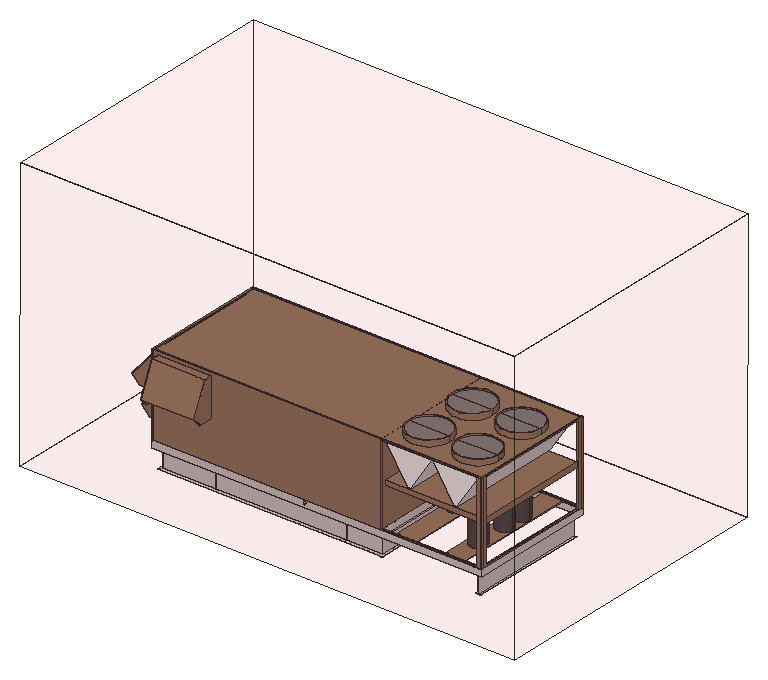
Revit family (continued)
Definition of nested family "Commercial_Comfort_Systems-Series_40-JCI-Unit_Cabinet-Bottom_Supply_And_Return"
  Lines and regions (in)
    model lines, style "Frame Unit", detail levels coarse
      curve 5: line (-119.99969, 46, 64) -> (-119.99969, 46, 0)
      curve 6: line (120.00031, 46, 64) -> (120.00031, 46, 0)
      curve 7: line (-119.99969, -46, 64) -> (-119.99969, -46, 0)
      curve 8: line (120.00031, -46, 64) -> (120.00031, -46, 0)
      curve 9: line (46.18781, -46, 63.5) -> (116.00031, -46, 63.5)
      curve 10: line (46.18781, -46, 63.5) -> (46.18781, -46, 5.125)
      curve 11: line (46.18781, -46, 5.125) -> (116.00031, -46, 5.125)
      curve 12: line (116.00031, -46, 63.5) -> (116.00031, -46, 5.125)
      curve 13: line (46.18781, 46, 63.5) -> (116.00031, 46, 63.5)
      curve 14: line (116.00031, 46, 63.5) -> (116.00031, 46, 5.125)
      curve 15: line (116.00031, 46, 5.125) -> (46.18781, 46, 5.125)
      curve 16: line (46.18781, 46, 5.125) -> (46.18781, 46, 63.5)
      curve 17: line (120.00031, -42, 63.5) -> (120.00031, 42, 63.5)
      curve 18: line (120.00031, -42, 63.5) -> (120.00031, -42, 5.125)
      curve 19: line (120.00031, -42, 5.125) -> (120.00031, 42, 5.125)
      curve 20: line (120.00031, 42, 63.5) -> (120.00031, 42, 5.125)
      curve 21: line (18.18781, 41.5, 0) -> (44.18781, 41.5, 0)
      curve 22: line (18.18781, -30.10938, 0) -> (44.18781, -30.10938, 0)
      curve 23: line (44.18781, 41.5, 0) -> (44.18781, -30.10938, 0)
      curve 24: line (46.18781, 44, 0) -> (117.50031, 44, 0)
      curve 25: line (117.50031, 44, 0) -> (117.50031, -44, 0)
      curve 26: line (117.50031, -44, 0) -> (46.18781, -44, 0)
      curve 27: line (46.18781, -44, 0) -> (46.18781, 44, 0)
      curve 28: line (-119.99969, 46, 0) -> (120.00031, 46, 0)
      curve 29: line (-119.99969, -46, 0) -> (-119.99969, 46, 0)
      curve 30: line (120.00031, -46, 0) -> (-119.99969, -46, 0)
      curve 31: line (120.00031, 46, 0) -> (120.00031, -46, 0)
      curve 36: line (18.18781, 41.5, 0) -> (18.18781, -30.10938, 0)
    symbolic lines, style "Frame Unit", detail levels medium+fine
      curve 32: line (0.00031, -46, 4.625) -> (0.00031, 46, 4.625)
      curve 33: line (-119.99969, 46, 4.625) -> (120.00031, 46, 4.625)
    symbolic lines, style "Frame Unit", detail levels fine
      curve 34: line (116.00031, -42, 35.625) -> (116.00031, 42, 35.625)
      curve 35: line (116.00031, 42, 32) -> (116.00031, -42, 32)
      curve 37: line (46.18781, 0, 35.625) -> (116.00031, 0, 35.625)
      curve 38: line (116.00031, 0, 32) -> (46.18781, 0, 32)
  Dimensions and locks (in)
    "Length": plane 4 "Left of Unit" to plane 5 "Right of Unit"
    equal spacing: plane 7 "Back of Unit", plane 1 "Center (Front/Back)", plane 6 "Front of Unit"
    "Width": plane 7 "Back of Unit" to plane 6 "Front of Unit"
    "Height": plane 8 "Top of Unit" to plane 20 "Base Bottom"
    locked: plane 4 "Left of Unit" to plane 9 "Left Inset" at 1
    locked: plane 10 "Filters and Driers Right" to plane 5 "Right of Unit" at 4
    locked: plane 13 "Front Inset" to plane 6 "Front of Unit" at 1
    locked: plane 16 "Back Of Unit Inset" to plane 7 "Back of Unit" at 1
    locked: plane 17 "Inner Cabinette Wall" to plane 5 "Right of Unit" at 1
    equal spacing: plane 8 "Top of Unit", plane 19 "Center (Elevation)", plane 20 "Base Bottom"
    locked: plane 2 "Bottom of Unit" to plane 20 "Base Bottom" at 4.625
    locked: plane 21 "Open Right" to plane 5 "Right of Unit" at 2.5
    locked: plane 24 "Supply Air Back" to plane 7 "Back of Unit" at 4.5
    locked: plane 25 "Supply Air Front" to plane 24 "Supply Air Back" at 71.60938
    locked: plane 26 "Open Back" to plane 7 "Back of Unit" at 2
    locked: plane 27 "Open Front" to plane 6 "Front of Unit" at 2
    locked: plane 23 "Supply Air Left" to plane 22 "Supply Air Right" at 26
    locked: plane 7 "Back of Unit" to plane 30 "Fan Back" at 30.66667
    locked: plane 8 "Top of Unit" to plane 32 "Exhaust Air Bottom" at 30.10156
    locked: plane 34 "Compressor Acces Front" to plane 6 "Front of Unit" at 4
    locked: plane 35 "Compressor Access Back" to plane 7 "Back of Unit" at 4
    locked: plane 22 "Supply Air Right" to plane 5 "Right of Unit" at 75.8125
    locked: plane 36 "Condenser Base" to plane 19 "Center (Elevation)" at 3.625
    locked: plane 12 "Filters and Driers Left" to Extrusion 8 sketch curve at 1
    equal spacing: Extrusion 9 sketch curve, plane 28 "Right Condenser Fans", Extrusion 9 sketch curve
    locked: Extrusion 9 sketch curve to Extrusion 9 sketch curve at 15  (x2)
    locked: plane 4 "Left of Unit" to plane 37 "Rain Hood Left" at 4.5
    locked: plane 37 "Rain Hood Left" to plane 38 "Rain Hood Right" at 38.58984
    plane 39 "Power Exhaust Bottom" to plane 20 "Base Bottom" = 7.94"
    locked: plane 18 "Bottom Inset" to plane 2 "Bottom of Unit" at 0.5
    locked: plane 8 "Top of Unit" to plane 11 "Top Inset" at 0.5
    locked: plane 8 "Top of Unit" to plane 40 "Economizer Top" at 2
    plane 1 "Center (Front/Back)" to plane 41 "Return Air Front" = 41 1/2"
    locked: plane 43 "Center of Conection Opening" to plane 20 "Base Bottom" at 3.0625
    locked: plane 44 "Electrical Connection L/R" to plane 5 "Right of Unit" at 128.5
    locked: plane 45 "Electrical Connectio F/B" to plane 6 "Front of Unit" at 6.46
    "Front Electric Connection Radius": Extrusion 10 sketch curve to plane 44 "Electrical Connection L/R"
    "Front Electric Connection Radius": plane 43 "Center of Conection Opening" to Extrusion 10 sketch curve
    "Electric Connection Radius": Revolve 11 sketch curve to Revolve 11 sketch curve
    equal spacing: plane 4 "Left of Unit", plane 3 "Center (Left/Right)", plane 5 "Right of Unit"
    equal spacing: plane 37 "Rain Hood Left", plane 31 "Center of Economizer L/R", plane 38 "Rain Hood Right"
    locked: plane 42 "Power Exhaust Top" to plane 20 "Base Bottom" at 29.36
    locked: plane 22 "Supply Air Right" to plane 12 "Filters and Driers Left" at 2
    plane 28 "Right Condenser Fans" to plane 5 "Right of Unit" = 20 15/32"
    locked: plane 30 "Fan Back" to plane 29 "Fan Front" at 39.31
    equal spacing: Extrusion 9 sketch curve, plane 33 "Left Condenser Fans", Extrusion 9 sketch curve
    locked: plane 33 "Left Condenser Fans" to plane 28 "Right Condenser Fans" at 35.42
    equal spacing: plane 47 "Power Exhaust Front", plane 1 "Center (Front/Back)", plane 48 "Power Exhaust Back"
    locked: plane 47 "Power Exhaust Front" to plane 48 "Power Exhaust Back" at 59.51953
    plane 41 "Return Air Front" to plane 6 "Front of Unit" = 4 1/2"
    "Front Electric Connection Radius": radius of Extrusion 10 sketch curve
    aligned and locked: plane 12 "Filters and Driers Left" to Extrusion 1 sketch curve
    aligned and locked: Extrusion 1 sketch curve to plane 10 "Filters and Driers Right"
    aligned and locked: Extrusion 1 sketch curve to plane 11 "Top Inset"
    aligned and locked: Extrusion 1 sketch curve to plane 8 "Top of Unit"
    aligned and locked: Extrusion 1 sketch curve to plane 5 "Right of Unit"
    aligned and locked: plane 2 "Bottom of Unit" to Extrusion 1 sketch curve
    aligned and locked: Extrusion 1 sketch curve to plane 4 "Left of Unit"
    aligned and locked: Extrusion 1 to plane 6 "Front of Unit"
    aligned and locked: plane 13 "Front Inset" to Extrusion 1
    aligned and locked: Extrusion 2 sketch curve to plane 8 "Top of Unit"
    aligned and locked: Extrusion 2 sketch curve to plane 11 "Top Inset"
    aligned and locked: plane 6 "Front of Unit" to Extrusion 2 sketch curve
    aligned and locked: plane 2 "Bottom of Unit" to Extrusion 2 sketch curve
    aligned and locked: plane 7 "Back of Unit" to Extrusion 2 sketch curve
    aligned and locked: plane 5 "Right of Unit" to Extrusion 2
    aligned and locked: Extrusion 2 to plane 17 "Inner Cabinette Wall"
    aligned and locked: Extrusion 3 sketch curve to plane 5 "Right of Unit"
    aligned and locked: Extrusion 3 sketch curve to plane 10 "Filters and Driers Right"
    aligned and locked: Extrusion 3 sketch curve to plane 8 "Top of Unit"
    aligned and locked: Extrusion 3 sketch curve to plane 11 "Top Inset"
    aligned and locked: plane 12 "Filters and Driers Left" to Extrusion 3 sketch curve
    aligned and locked: plane 2 "Bottom of Unit" to Extrusion 3 sketch curve
    aligned and locked: Extrusion 3 sketch curve to plane 4 "Left of Unit"
    aligned and locked: Extrusion 3 to plane 7 "Back of Unit"
    aligned and locked: plane 16 "Back Of Unit Inset" to Extrusion 3
    aligned and locked: Extrusion 4 sketch curve to plane 8 "Top of Unit"
    aligned and locked: plane 14 "Exhaust Air Front" to Extrusion 4 sketch curve
    aligned and locked: plane 15 "Exhaust Air Back" to Extrusion 4 sketch curve
    aligned and locked: plane 7 "Back of Unit" to Extrusion 4 sketch curve
    aligned and locked: plane 6 "Front of Unit" to Extrusion 4 sketch curve
    aligned and locked: plane 2 "Bottom of Unit" to Extrusion 4 sketch curve
    aligned and locked: plane 4 "Left of Unit" to Extrusion 4
    aligned and locked: Extrusion 4 to plane 9 "Left Inset"
    aligned and locked: plane 16 "Back Of Unit Inset" to Extrusion 5 sketch curve
    aligned and locked: Extrusion 5 sketch curve to plane 17 "Inner Cabinette Wall"
    aligned and locked: Extrusion 5 sketch curve to plane 9 "Left Inset"
    aligned and locked: plane 13 "Front Inset" to Extrusion 5 sketch curve
    aligned and locked: plane 8 "Top of Unit" to Extrusion 5
    aligned and locked: plane 20 "Base Bottom" to level
    aligned and locked: plane 24 "Supply Air Back" to Extrusion 6 sketch curve  (x2)
    aligned and locked: Extrusion 6 sketch curve to plane 23 "Supply Air Left"
    aligned and locked: Extrusion 6 sketch curve to plane 22 "Supply Air Right"
    aligned and locked: Extrusion 6 sketch curve to plane 25 "Supply Air Front"
    aligned and locked: Extrusion 6 sketch curve to plane 21 "Open Right"
    aligned and locked: plane 12 "Filters and Driers Left" to Extrusion 6 sketch curve
    aligned and locked: plane 7 "Back of Unit" to Extrusion 6 sketch curve
    aligned and locked: Extrusion 6 sketch curve to plane 5 "Right of Unit"
    aligned and locked: plane 6 "Front of Unit" to Extrusion 6 sketch curve
    aligned and locked: Extrusion 6 sketch curve to plane 4 "Left of Unit"
    aligned and locked: Extrusion 6 to plane 20 "Base Bottom"
    aligned and locked: plane 2 "Bottom of Unit" to Extrusion 6
    aligned and locked: plane 26 "Open Back" to Extrusion 6 sketch curve
    aligned and locked: plane 27 "Open Front" to Extrusion 6 sketch curve
    aligned and locked: plane 7 "Back of Unit" to Masking region 1 sketch curve
    aligned and locked: Masking region 1 sketch curve to plane 4 "Left of Unit"
    aligned and locked: Masking region 1 sketch curve to plane 5 "Right of Unit"
    aligned and locked: plane 6 "Front of Unit" to Masking region 1 sketch curve
    aligned and locked: plane 4 "Left of Unit" to curve 2
    aligned and locked: plane 4 "Left of Unit" to curve 3
    aligned and locked: plane 5 "Right of Unit" to curve 3
    aligned and locked: curve 3 to plane 6 "Front of Unit"
    aligned and locked: plane 6 "Front of Unit" to curve 4
    aligned and locked: plane 4 "Left of Unit" to curve 1
    aligned and locked: plane 5 "Right of Unit" to curve 1
    aligned and locked: plane 7 "Back of Unit" to curve 4
    aligned and locked: plane 6 "Front of Unit" to curve 2
    aligned and locked: plane 8 "Top of Unit" to curve 5
    aligned and locked: plane 20 "Base Bottom" to curve 5
    aligned and locked: plane 20 "Base Bottom" to curve 7
    aligned and locked: plane 8 "Top of Unit" to curve 7
    aligned and locked: plane 4 "Left of Unit" to curve 5
    aligned and locked: plane 4 "Left of Unit" to curve 7
    aligned and locked: plane 20 "Base Bottom" to curve 6
    aligned and locked: plane 20 "Base Bottom" to curve 8
    aligned and locked: plane 8 "Top of Unit" to curve 6
    aligned and locked: plane 8 "Top of Unit" to curve 8
    aligned and locked: curve 6 to plane 5 "Right of Unit"
    aligned and locked: curve 8 to plane 5 "Right of Unit"
    aligned and locked: plane 11 "Top Inset" to curve 12
    aligned and locked: plane 10 "Filters and Driers Right" to curve 9
    aligned and locked: plane 10 "Filters and Driers Right" to curve 11
    aligned and locked: plane 11 "Top Inset" to curve 10
    aligned and locked: plane 12 "Filters and Driers Left" to curve 11
    aligned and locked: plane 12 "Filters and Driers Left" to curve 9
    aligned and locked: curve 11 to curve 12
    aligned and locked: plane 12 "Filters and Driers Left" to curve 13
    aligned and locked: plane 11 "Top Inset" to curve 14
    aligned and locked: curve 13 to plane 11 "Top Inset"
    aligned and locked: plane 10 "Filters and Driers Right" to curve 15
    aligned and locked: plane 12 "Filters and Driers Left" to curve 15
    aligned and locked: plane 11 "Top Inset" to curve 16
    aligned and locked: plane 10 "Filters and Driers Right" to curve 13
    aligned and locked: plane 11 "Top Inset" to curve 18
    aligned and locked: plane 11 "Top Inset" to curve 20
    aligned and locked: plane 27 "Open Front" to curve 25
    aligned and locked: plane 21 "Open Right" to curve 24
    aligned and locked: plane 26 "Open Back" to curve 27
    aligned and locked: plane 22 "Supply Air Right" to curve 21
    aligned and locked: plane 7 "Back of Unit" to curve 31
    aligned and locked: plane 5 "Right of Unit" to curve 30
    aligned and locked: curve 31 to plane 5 "Right of Unit"
    aligned and locked: plane 6 "Front of Unit" to curve 30
    aligned and locked: plane 6 "Front of Unit" to curve 29
    aligned and locked: plane 7 "Back of Unit" to curve 29
    aligned and locked: curve 29 to plane 4 "Left of Unit"
    aligned and locked: plane 4 "Left of Unit" to curve 28
    aligned and locked: plane 8 "Top of Unit" to Masking region 2 sketch curve
    aligned and locked: plane 5 "Right of Unit" to Masking region 2 sketch curve
    aligned and locked: plane 4 "Left of Unit" to Masking region 2 sketch curve
    aligned and locked: Masking region 3 sketch curve to plane 8 "Top of Unit"
    aligned and locked: plane 6 "Front of Unit" to Masking region 3 sketch curve
    aligned and locked: plane 7 "Back of Unit" to Masking region 3 sketch curve
    aligned and locked: plane 20 "Base Bottom" to Masking region 3 sketch curve
    aligned and locked: plane 7 "Back of Unit" to curve 32
    aligned and locked: plane 6 "Front of Unit" to curve 32
    aligned and locked: curve 32 to plane 2 "Bottom of Unit"
    aligned and locked: Masking region 2 sketch curve to plane 20 "Base Bottom"
    aligned and locked: plane 5 "Right of Unit" to curve 33
    aligned and locked: plane 4 "Left of Unit" to curve 33
    aligned and locked: curve 33 to plane 2 "Bottom of Unit"
    aligned and locked: plane 18 "Bottom Inset" to Extrusion 3
    aligned and locked: plane 18 "Bottom Inset" to curve 15
    aligned and locked: plane 18 "Bottom Inset" to Extrusion 2
    aligned and locked: curve 19 to plane 18 "Bottom Inset"
    aligned and locked: plane 35 "Compressor Access Back" to Extrusion 2 sketch curve
    aligned and locked: plane 34 "Compressor Acces Front" to Extrusion 2 sketch curve
    aligned and locked: plane 35 "Compressor Access Back" to curve 20
    aligned and locked: curve 18 to plane 34 "Compressor Acces Front"
    aligned and locked: plane 32 "Exhaust Air Bottom" to Extrusion 1 sketch curve
    aligned and locked: plane 32 "Exhaust Air Bottom" to Extrusion 3 sketch curve
    aligned and locked: plane 32 "Exhaust Air Bottom" to Extrusion 4 sketch curve
    aligned and locked: plane 12 "Filters and Driers Left" to Extrusion 7 sketch curve
    aligned and locked: plane 19 "Center (Elevation)" to Extrusion 7 sketch curve
    aligned and locked: Extrusion 7 sketch curve to plane 36 "Condenser Base"
    aligned and locked: Extrusion 8 sketch curve to plane 12 "Filters and Driers Left"
    aligned and locked: Extrusion 8 sketch curve to plane 11 "Top Inset"
    aligned and locked: plane 18 "Bottom Inset" to Extrusion 8 sketch curve
    aligned and locked: Extrusion 8 to plane 16 "Back Of Unit Inset"
    aligned and locked: Extrusion 8 to plane 13 "Front Inset"
    aligned and locked: plane 27 "Open Front" to Extrusion 9 sketch curve  (x2)
    aligned and locked: plane 26 "Open Back" to Extrusion 9 sketch curve  (x2)
    aligned and locked: Extrusion 9 to plane 2 "Bottom of Unit"
    aligned and locked: plane 18 "Bottom Inset" to Extrusion 9
    aligned and locked: plane 12 "Filters and Driers Left" to Masking region 2 sketch curve
    aligned and locked: plane 35 "Compressor Access Back" to curve 17
    aligned and locked: plane 35 "Compressor Access Back" to curve 19
    aligned and locked: plane 34 "Compressor Acces Front" to curve 17
    aligned and locked: plane 34 "Compressor Acces Front" to curve 19
    aligned and locked: plane 18 "Bottom Inset" to curve 20
    aligned and locked: plane 18 "Bottom Inset" to curve 18
    aligned and locked: curve 11 to curve 15
    aligned and locked: curve 9 to curve 13
    aligned and locked: plane 18 "Bottom Inset" to curve 10
    aligned and locked: plane 4 "Left of Unit" to curve 30
    aligned and locked: plane 5 "Right of Unit" to curve 28
    aligned and locked: plane 6 "Front of Unit" to curve 31
    aligned and locked: plane 7 "Back of Unit" to curve 2
    aligned and locked: plane 34 "Compressor Acces Front" to Masking region 3 sketch curve
    aligned and locked: plane 18 "Bottom Inset" to Masking region 3 sketch curve
    aligned and locked: plane 35 "Compressor Access Back" to Masking region 3 sketch curve
    aligned and locked: Extrusion 1 sketch curve to plane 40 "Economizer Top"
    aligned and locked: Extrusion 3 sketch curve to plane 40 "Economizer Top"
    aligned and locked: Extrusion 5 to plane 11 "Top Inset"
    aligned and locked: plane 40 "Economizer Top" to Extrusion 4 sketch curve
    aligned and locked: Masking region 4 sketch curve to plane 8 "Top of Unit"
    aligned and locked: plane 7 "Back of Unit" to Masking region 4 sketch curve
    aligned and locked: plane 6 "Front of Unit" to Masking region 4 sketch curve
    aligned and locked: plane 20 "Base Bottom" to Masking region 4 sketch curve
    aligned and locked: Extrusion 4 sketch curve to plane 42 "Power Exhaust Top"
    aligned and locked: plane 39 "Power Exhaust Bottom" to Extrusion 4 sketch curve
    aligned and locked: plane 39 "Power Exhaust Bottom" to Masking region 5 sketch curve
    aligned and locked: Masking region 5 sketch curve to plane 42 "Power Exhaust Top"
    aligned and locked: plane 32 "Exhaust Air Bottom" to Masking region 5 sketch curve
    aligned and locked: Masking region 5 sketch curve to plane 40 "Economizer Top"
    aligned and locked: plane 14 "Exhaust Air Front" to Masking region 5 sketch curve
    aligned and locked: plane 15 "Exhaust Air Back" to Masking region 5 sketch curve
    aligned and locked: plane 6 "Front of Unit" to Masking region 5 sketch curve
    aligned and locked: Masking region 5 sketch curve to plane 8 "Top of Unit"
    aligned and locked: plane 20 "Base Bottom" to Masking region 5 sketch curve
    aligned and locked: plane 7 "Back of Unit" to Masking region 5 sketch curve
    aligned and locked: plane 20 "Base Bottom" to Masking region 6 sketch curve
    aligned and locked: Masking region 6 sketch curve to plane 4 "Left of Unit"
    aligned and locked: Masking region 6 sketch curve to plane 5 "Right of Unit"
    aligned and locked: Masking region 6 sketch curve to plane 8 "Top of Unit"
    aligned and locked: Extrusion 10 to plane 6 "Front of Unit"
    aligned and locked: Revolve 11 sketch curve to plane 44 "Electrical Connection L/R"
    aligned and locked: Revolve 11 sketch curve to Revolve 11 sketch curve
    aligned and locked: plane 20 "Base Bottom" to Revolve 11 sketch curve
    aligned and locked: Revolve 11 sketch curve to plane 18 "Bottom Inset"
    aligned and locked: plane 11 "Top Inset" to Masking region 2 sketch curve
    aligned and locked: Masking region 7 to plane 11 "Top Inset"
    aligned and locked: plane 8 "Top of Unit" to Masking region 7
    aligned and locked: Masking region 7 to plane 10 "Filters and Driers Right"
    aligned and locked: plane 12 "Filters and Driers Left" to Masking region 7
    aligned and locked: plane 18 "Bottom Inset" to Masking region 7
    aligned and locked: plane 5 "Right of Unit" to Masking region 7 sketch curve
    aligned and locked: Masking region 7 sketch curve to plane 20 "Base Bottom"
    aligned and locked: plane 4 "Left of Unit" to Masking region 7 sketch curve
    aligned and locked: Extrusion 7 to plane 34 "Compressor Acces Front"
    aligned and locked: Extrusion 7 to plane 35 "Compressor Access Back"
    aligned and locked: Masking region 3 sketch curve to plane 11 "Top Inset"
    aligned and locked: curve 34 to plane 36 "Condenser Base"
    aligned and locked: plane 19 "Center (Elevation)" to curve 35
    aligned and locked: Extrusion 1 sketch curve to plane 37 "Rain Hood Left"
    aligned and locked: plane 38 "Rain Hood Right" to Extrusion 1 sketch curve
    aligned and locked: plane 38 "Rain Hood Right" to Extrusion 3 sketch curve
    aligned and locked: Extrusion 3 sketch curve to plane 37 "Rain Hood Left"
    aligned and locked: plane 22 "Supply Air Right" to curve 22
    aligned and locked: plane 25 "Supply Air Front" to curve 23
    aligned and locked: plane 23 "Supply Air Left" to curve 22
    aligned and locked: plane 24 "Supply Air Back" to curve 23
    aligned and locked: plane 23 "Supply Air Left" to curve 21
    aligned and locked: Extrusion 4 sketch curve to plane 48 "Power Exhaust Back"
    aligned and locked: Masking region 5 sketch curve to plane 48 "Power Exhaust Back"
    aligned and locked: Masking region 5 sketch curve to plane 47 "Power Exhaust Front"
    aligned and locked: Extrusion 4 sketch curve to plane 47 "Power Exhaust Front"
    aligned and locked: Extrusion 7 sketch curve to plane 17 "Inner Cabinette Wall"
    aligned and locked: plane 24 "Supply Air Back" to curve 36
    aligned and locked: plane 25 "Supply Air Front" to curve 36
    aligned and locked: plane 27 "Open Front" to curve 27
    aligned and locked: plane 27 "Open Front" to curve 26
    aligned and locked: plane 21 "Open Right" to curve 26
    aligned and locked: plane 12 "Filters and Driers Left" to curve 26
    aligned and locked: plane 26 "Open Back" to curve 25
    aligned and locked: plane 12 "Filters and Driers Left" to curve 24
    aligned and locked: plane 12 "Filters and Driers Left" to Extrusion 12 sketch curve  (x2)
    aligned and locked: Extrusion 12 sketch curve to plane 10 "Filters and Driers Right"  (x2)
    aligned and locked: Extrusion 12 sketch curve to plane 13 "Front Inset"
    aligned and locked: plane 6 "Front of Unit" to Extrusion 12 sketch curve
    aligned and locked: plane 34 "Compressor Acces Front" to Extrusion 12 sketch curve
    aligned and locked: plane 35 "Compressor Access Back" to Extrusion 12 sketch curve
    aligned and locked: plane 17 "Inner Cabinette Wall" to Extrusion 12 sketch curve
    aligned and locked: Extrusion 12 sketch curve to plane 5 "Right of Unit"
    aligned and locked: Extrusion 12 sketch curve to plane 16 "Back Of Unit Inset"
    aligned and locked: plane 7 "Back of Unit" to Extrusion 12 sketch curve
    aligned and locked: plane 11 "Top Inset" to Extrusion 12
    aligned and locked: Extrusion 12 to plane 18 "Bottom Inset"
    aligned and locked: plane 35 "Compressor Access Back" to curve 35
    aligned and locked: plane 35 "Compressor Access Back" to curve 34
    aligned and locked: plane 34 "Compressor Acces Front" to curve 34
    aligned and locked: plane 34 "Compressor Acces Front" to curve 35
    aligned and locked: plane 12 "Filters and Driers Left" to curve 37
    aligned and locked: plane 12 "Filters and Driers Left" to curve 38
    aligned and locked: plane 10 "Filters and Driers Right" to curve 37
    aligned and locked: plane 10 "Filters and Driers Right" to curve 38
    aligned and locked: plane 19 "Center (Elevation)" to curve 38
    aligned and locked: curve 37 to plane 36 "Condenser Base"
    aligned and locked: plane 18 "Bottom Inset" to Masking region 2 sketch curve
    aligned and locked: Extrusion 6 sketch curve to plane 37 "Rain Hood Left"
    aligned and locked: Extrusion 6 sketch curve to plane 41 "Return Air Front"
    aligned and locked: plane 38 "Rain Hood Right" to Extrusion 6 sketch curve
  Automatic sketch dimensions
    Extrusion 1 sketch curve to plane 18 "Bottom Inset" = 0"
    Extrusion 2 sketch curve to plane 18 "Bottom Inset" = 0"
    Extrusion 3 sketch curve to plane 18 "Bottom Inset" = 0"
    curve 1 to plane 7 "Back of Unit" = 0"
    curve 10 to plane 12 "Filters and Driers Left" = 0"
    Masking region 2 sketch curve to plane 10 "Filters and Driers Right" = 0"
    Revolve 11 sketch curve to level = 241.30534"
    plane 8 "Top of Unit" to Revolve 11 sketch curve = 282.03032"
    Masking region 7 sketch curve to plane 10 "Filters and Driers Right" = 0"
    Masking region 7 sketch curve to plane 11 "Top Inset" = 0"
    Masking region 7 sketch curve to plane 12 "Filters and Driers Left" = 0"
    Masking region 7 sketch curve to plane 18 "Bottom Inset" = 0"
    Masking region 7 sketch curve to plane 8 "Top of Unit" = 0"
Definition of nested family "Include Clearance"
  Parameters (values of type "Include Clearance")
    Width = 36"
    Height = 36"
    Depth = 36"
    Clearance Top = 6"
    Clearance Right = 6"
    Clearance Material = Clearance
    Clearance Left = 6"
    Clearance Front = 6"
    Clearance Bottom = 6"
    Clearance Back = 6"
    Assembly Code = ""
  Reference planes (in)
    plane 1 "Center (Front/Back)": y = 0
    plane 2 "Bottom": z = 0
    plane 3 "Center (Left/Right)": x = 0
    plane 4 "Clearance Front": y = -24
    plane 5 "Top": z = 36
    plane 6 "Back": y = 18
    plane 7 "Left": x = -18
    plane 8 "Front": y = -18
    plane 9 "Right": x = 18
    plane 10 "Clearance Back": y = 24
    plane 11 "Clearance Left": x = -24
    plane 12 "Clearance Right": x = 24
    plane 13 "Clearance Top": z = 42
    plane 14 "Clearance Bottom": z = -6
  Forms (in)
    Extrusion 1, solid, material "Clearance" <- "Clearance Material"
      sketch origin (0, 0, 36) x (-1, 0, 0) y (0, -1, 0)
        loop
          line (24, -24) -> (24, 24) -> (-24, 24) -> (-24, -24) -> (24, -24)
      from -42 to 6
  Lines and regions (in)
    symbolic lines, style "Clearance"
      curve 1: line (-24, 24, 36) -> (24, 24, 36)
      curve 2: line (-24, -24, 36) -> (-24, 24, 36)
      curve 3: line (24, -24, 36) -> (-24, -24, 36)
      curve 4: line (24, 24, 36) -> (24, -24, 36)
      curve 5: line (-24, 0, 42) -> (24, 0, 42)
      curve 6: line (-24, 0, -6) -> (-24, 0, 42)
      curve 7: line (24, 0, -6) -> (-24, 0, -6)
      curve 8: line (24, 0, 42) -> (24, 0, -6)
      curve 9: line (0, -24, 42) -> (0, 24, 42)
      curve 10: line (0, -24, -6) -> (0, -24, 42)
      curve 11: line (0, 24, -6) -> (0, -24, -6)
      curve 12: line (0, 24, 42) -> (0, 24, -6)
  Dimensions and locks (in)
    "Height": plane 5 "Top" to plane 2 "Bottom"
    "Depth": plane 6 "Back" to plane 8 "Front"
    "Width": plane 7 "Left" to plane 9 "Right"
    equal spacing: plane 7 "Left", plane 3 "Center (Left/Right)", plane 9 "Right"
    equal spacing: plane 6 "Back", plane 1 "Center (Front/Back)", plane 8 "Front"
    "Clearance Bottom": plane 2 "Bottom" to plane 14 "Clearance Bottom"
    "Clearance Top": plane 13 "Clearance Top" to plane 5 "Top"
    "Clearance Left": plane 11 "Clearance Left" to plane 7 "Left"
    "Clearance Right": plane 9 "Right" to plane 12 "Clearance Right"
    "Clearance Back": plane 10 "Clearance Back" to plane 6 "Back"
    "Clearance Front": plane 4 "Clearance Front" to plane 8 "Front"
    aligned and locked: level to plane 2 "Bottom"
    aligned and locked: Extrusion 1 sketch curve to plane 10 "Clearance Back"
    aligned and locked: Extrusion 1 sketch curve to plane 11 "Clearance Left"
    aligned and locked: Extrusion 1 sketch curve to plane 12 "Clearance Right"
    aligned and locked: Extrusion 1 sketch curve to plane 4 "Clearance Front"
    aligned and locked: plane 14 "Clearance Bottom" to Extrusion 1
    aligned and locked: plane 13 "Clearance Top" to Extrusion 1
    aligned and locked: curve 1 to plane 10 "Clearance Back"
    aligned and locked: curve 2 to plane 11 "Clearance Left"
    aligned and locked: curve 4 to plane 12 "Clearance Right"
    aligned and locked: curve 3 to plane 4 "Clearance Front"
    aligned and locked: curve 5 to plane 13 "Clearance Top"
    aligned and locked: curve 6 to plane 11 "Clearance Left"
    aligned and locked: curve 7 to plane 14 "Clearance Bottom"
    aligned and locked: curve 8 to plane 12 "Clearance Right"
    aligned and locked: curve 9 to plane 13 "Clearance Top"
    aligned and locked: curve 11 to plane 14 "Clearance Bottom"
    aligned and locked: curve 12 to plane 10 "Clearance Back"
    aligned and locked: curve 10 to plane 4 "Clearance Front"
Definition of nested family "Commercial_Comfort_Systems-Series_40-JCI-Economizer_Hood"
  Parameters (values of type "Economizer")
    Width = 38 151/256"
    Material = Paint - JCI - Powder Coated - Brown
    Height = 28 3/32"  # constant formula
    Economizer Hood [instance] = no
    Depth = 15 119/128"  # constant formula
    Cap [instance] = not(Economizer Hood)  # yes
    Assembly Code = ""
  Reference planes (in)
    plane 1 "Back": y = 0
    plane 2 "Bottom": z = 0
    plane 3 "Center (Left/Right)": x = 0
    plane 4 "Front": y = -15.92969
    plane 5 "Top": z = 28.09375
    plane 6 "Center F/B": y = -9.99969
    plane 7 "Back Inset": y = -5.99219
    plane 8 "Bottom Inset": z = 6
    plane 9 "Right": x = 19.29492
    plane 10 "Left": x = -19.29492
    plane 11 "Left Inset": x = -19.16992
    plane 12 "Right Inset": x = 19.16992
    plane 13 "Top Inset": z = 27.90625
    plane 14 "Front Inset": y = -15.67969
    plane 15 "Center (Elevation)": z = 14.04687
    plane 16 "Cap Back": y = 1
  Forms (in)
    Extrusion 1, solid, material "Paint - JCI - Powder Coated - Brown" <- "Material", visible <- "Economizer Hood", detail levels fine
      sketch origin (0, 0, 0) x (0, 1, 0) y (0, 0, 1)
        loop
          line (-5.99219, 28.09375) -> (-15.92969, 6) -> (-9.99969, 0) -> (0, 0) -> (0, 28.09375) -> (-5.99219, 28.09375)
      from 19.16992 to 19.29492
    Extrusion 2, solid, material "Paint - JCI - Powder Coated - Brown" <- "Material", visible <- "Economizer Hood", detail levels fine
      sketch origin (0, 0, 0) x (0, 1, 0) y (0, 0, 1)
        loop
          line (0, 28.09375) -> (-5.99219, 28.09375) -> (-15.92969, 6) -> (-9.99969, 0) -> (0, 0) -> (0, 28.09375)
      from -19.29492 to -19.16992
    Extrusion 3, solid, material "Paint - JCI - Powder Coated - Brown" <- "Material", visible <- "Economizer Hood", detail levels fine
      sketch origin (0, 0, 0) x (0, 1, 0) y (0, 0, 1)
        loop
          line (-5.99219, 28.09375) -> (-15.92969, 6) -> (-15.67969, 6) -> (-5.99219, 27.90625) -> (0, 27.90625) -> (0, 28.09375) -> (-5.99219, 28.09375)
      from -19.16992 to 19.16992
    Extrusion 4, solid, material "Paint - JCI - Powder Coated - Brown" <- "Material", visible <- "Cap", detail levels fine
      sketch origin (0, 0, 0) x (1, 0, 0) y (0, 1, 0)
        loop
          line (-19.29492, 1) -> (-19.29492, 0) -> (19.29492, 0) -> (19.29492, 1) -> (-19.29492, 1)
      from 0 to 28.09375
  Lines and regions (in)
    Masking region 1, detail levels medium+fine
      outline origin (0, 0, 0) x (0, 1, 0) y (0, 0, 1)
        loop
          line (-5.99219, 28.09375) -> (-15.92969, 6) -> (-9.99969, 0) -> (0, 0) -> (0, 28.09375) -> (-5.99219, 28.09375)
    Masking region 2, detail levels medium+fine
      outline origin (0, -9.99969, 0) x (0, 0, -1) y (1, 0, 0)
        loop
          line (-28.09375, -19.29492) -> (0, -19.29492) -> (0, 19.29492) -> (-28.09375, 19.29492) -> (-28.09375, -19.29492)
    Masking region 3, detail levels fine
      outline origin (0, 0, 0) x (1, 0, 0) y (0, 1, 0)
        loop
          line (-19.29492, 0) -> (-19.29492, -15.92969) -> (19.29492, -15.92969) -> (19.29492, 0) -> (-19.29492, 0)
    symbolic lines, style "Rain Hood", detail levels fine
      curve 1: line (-19.29492, 0, 6) -> (19.29492, 0, 6)
    model lines, style "Rain Hood", visible <- "Economizer Hood", detail levels medium
      curve 2: line (19.29492, -5.99219, 28.09375) -> (19.29492, 0, 28.09375)
      curve 3: line (19.29492, 0, 28.09375) -> (19.29492, 0, 0)
      curve 4: line (19.29492, -5.99219, 28.09375) -> (19.29492, -15.92969, 6)
      curve 5: line (19.29492, -9.99969, 0) -> (19.29492, 0, 0)
      curve 6: line (-19.29492, -5.99219, 28.09375) -> (-19.29492, -15.92969, 6)
      curve 7: line (-19.29492, -5.99219, 28.09375) -> (-19.29492, 0, 28.09375)
      curve 8: line (-19.29492, 0, 28.09375) -> (-19.29492, 0, 0)
      curve 9: line (-19.29492, -9.99969, 0) -> (-19.29492, 0, 0)
      curve 10: line (19.29492, -9.99969, 0) -> (19.29492, -15.92969, 6)
      curve 11: line (-19.29492, -9.99969, 0) -> (-19.29492, -15.92969, 6)
      curve 12: line (-19.29492, 0, 28.09375) -> (19.29492, 0, 28.09375)
      curve 13: line (-19.29492, -5.99219, 28.09375) -> (19.29492, -5.99219, 28.09375)
      curve 14: line (-19.29492, 0, 0) -> (19.29492, 0, 0)
      curve 15: line (-19.29492, -15.92969, 6) -> (19.29492, -15.92969, 6)
    model lines, visible <- "Cap", detail levels medium
      curve 16: line (-19.29492, 0, 28.09375) -> (-19.29492, 1, 28.09375)
      curve 17: line (19.29492, 0, 28.09375) -> (19.29492, 1, 28.09375)
      curve 18: line (-19.29492, 1, 28.09375) -> (19.29492, 1, 28.09375)
      curve 19: line (19.29492, 1, 28.09375) -> (19.29492, 1, 0)
      curve 20: line (19.29492, 1, 0) -> (-19.29492, 1, 0)
      curve 21: line (-19.29492, 1, 28.09375) -> (-19.29492, 1, 0)
      curve 22: line (-19.29492, 1, 0) -> (-19.29492, 0, 0)
      curve 23: line (19.29492, 1, 0) -> (19.29492, 0, 0)
  Dimensions and locks (in)
    "Depth": plane 4 "Front" to plane 1 "Back"
    "Height": plane 5 "Top" to plane 2 "Bottom"
    locked: plane 4 "Front" to plane 7 "Back Inset" at 9.9375
    locked: plane 4 "Front" to plane 6 "Center F/B" at 5.93
    locked: plane 8 "Bottom Inset" to plane 2 "Bottom" at 6
    locked: plane 12 "Right Inset" to plane 9 "Right" at 0.125
    locked: plane 11 "Left Inset" to plane 10 "Left" at 0.125
    "Width": plane 9 "Right" to plane 10 "Left"
    equal spacing: plane 9 "Right", plane 3 "Center (Left/Right)", plane 10 "Left"
    locked: plane 5 "Top" to plane 13 "Top Inset" at 0.1875
    locked: plane 4 "Front" to plane 14 "Front Inset" at 0.25
    equal spacing: plane 5 "Top", plane 15 "Center (Elevation)", plane 2 "Bottom"
    locked: plane 1 "Back" to plane 16 "Cap Back" at 1
    aligned and locked: level to plane 2 "Bottom"
    aligned and locked: plane 4 "Front" to Extrusion 1 sketch curve
    aligned and locked: plane 8 "Bottom Inset" to Extrusion 1 sketch curve
    aligned and locked: plane 6 "Center F/B" to Extrusion 1 sketch curve
    aligned and locked: Extrusion 1 sketch curve to plane 2 "Bottom"
    aligned and locked: Extrusion 1 sketch curve to plane 1 "Back"
    aligned and locked: plane 5 "Top" to Extrusion 1 sketch curve  (x2)
    aligned and locked: plane 7 "Back Inset" to Extrusion 1 sketch curve
    aligned and locked: Extrusion 1 to plane 9 "Right"
    aligned and locked: plane 12 "Right Inset" to Extrusion 1
    aligned and locked: plane 2 "Bottom" to Extrusion 2 sketch curve
    aligned and locked: plane 6 "Center F/B" to Extrusion 2 sketch curve
    aligned and locked: plane 8 "Bottom Inset" to Extrusion 2 sketch curve
    aligned and locked: plane 5 "Top" to Extrusion 2 sketch curve
    aligned and locked: plane 4 "Front" to Extrusion 2 sketch curve
    aligned and locked: plane 7 "Back Inset" to Extrusion 2 sketch curve
    aligned and locked: Extrusion 2 sketch curve to plane 5 "Top"
    aligned and locked: Extrusion 2 sketch curve to plane 1 "Back"
    aligned and locked: Extrusion 2 sketch curve to plane 2 "Bottom"
    aligned and locked: plane 11 "Left Inset" to Extrusion 2
    aligned and locked: Extrusion 2 to plane 10 "Left"
    aligned and locked: plane 8 "Bottom Inset" to Extrusion 3 sketch curve
    aligned and locked: plane 13 "Top Inset" to Extrusion 3 sketch curve  (x2)
    aligned and locked: plane 4 "Front" to Extrusion 3 sketch curve
    aligned and locked: plane 14 "Front Inset" to Extrusion 3 sketch curve
    aligned and locked: Extrusion 3 sketch curve to plane 8 "Bottom Inset"
    aligned and locked: plane 7 "Back Inset" to Extrusion 3 sketch curve  (x2)
    aligned and locked: plane 1 "Back" to Extrusion 3 sketch curve
    aligned and locked: Extrusion 3 sketch curve to plane 5 "Top"
    aligned and locked: Extrusion 3 to plane 12 "Right Inset"
    aligned and locked: Extrusion 3 to plane 11 "Left Inset"
    aligned and locked: plane 8 "Bottom Inset" to Masking region 1 sketch curve
    aligned and locked: plane 4 "Front" to Masking region 1 sketch curve
    aligned and locked: plane 5 "Top" to Masking region 1 sketch curve
    aligned and locked: plane 6 "Center F/B" to Masking region 1 sketch curve
    aligned and locked: plane 7 "Back Inset" to Masking region 1 sketch curve
    aligned and locked: plane 2 "Bottom" to Masking region 1 sketch curve
    aligned and locked: plane 1 "Back" to Masking region 1 sketch curve
    aligned and locked: Masking region 2 sketch curve to plane 5 "Top"
    aligned and locked: plane 10 "Left" to Masking region 2 sketch curve
    aligned and locked: plane 2 "Bottom" to Masking region 2 sketch curve
    aligned and locked: plane 9 "Right" to Masking region 2 sketch curve
    aligned and locked: curve 1 to plane 8 "Bottom Inset"
    aligned and locked: plane 10 "Left" to curve 1
    aligned and locked: plane 9 "Right" to curve 1
    aligned and locked: Masking region 3 sketch curve to plane 4 "Front"
    aligned and locked: plane 9 "Right" to Masking region 3 sketch curve
    aligned and locked: plane 1 "Back" to Masking region 3 sketch curve
    aligned and locked: plane 10 "Left" to Masking region 3 sketch curve
    aligned and locked: curve 2 to plane 5 "Top"
    aligned and locked: curve 7 to plane 5 "Top"
    aligned and locked: plane 5 "Top" to curve 3
    aligned and locked: plane 5 "Top" to curve 8
    aligned and locked: plane 2 "Bottom" to curve 3
    aligned and locked: plane 2 "Bottom" to curve 8
    aligned and locked: plane 1 "Back" to curve 3
    aligned and locked: plane 1 "Back" to curve 8
    aligned and locked: plane 1 "Back" to curve 9
    aligned and locked: plane 1 "Back" to curve 5
    aligned and locked: plane 6 "Center F/B" to curve 9
    aligned and locked: curve 5 to plane 2 "Bottom"
    aligned and locked: plane 7 "Back Inset" to curve 4
    aligned and locked: plane 8 "Bottom Inset" to curve 4
    aligned and locked: plane 4 "Front" to curve 6
    aligned and locked: plane 4 "Front" to curve 10
    aligned and locked: plane 6 "Center F/B" to curve 10
    aligned and locked: plane 8 "Bottom Inset" to curve 11
    aligned and locked: plane 2 "Bottom" to curve 11
    aligned and locked: plane 7 "Back Inset" to curve 7
    aligned and locked: plane 6 "Center F/B" to curve 5
    aligned and locked: plane 7 "Back Inset" to curve 2
    aligned and locked: plane 1 "Back" to curve 2
    aligned and locked: plane 1 "Back" to curve 7
    aligned and locked: plane 9 "Right" to curve 12
    aligned and locked: plane 9 "Right" to curve 13
    aligned and locked: plane 10 "Left" to curve 12
    aligned and locked: plane 10 "Left" to curve 13
    aligned and locked: curve 12 to plane 5 "Top"
    aligned and locked: curve 13 to plane 5 "Top"
    aligned and locked: plane 9 "Right" to curve 14
    aligned and locked: plane 9 "Right" to curve 15
    aligned and locked: plane 10 "Left" to curve 14
    aligned and locked: plane 10 "Left" to curve 15
    aligned and locked: curve 14 to plane 2 "Bottom"
    aligned and locked: curve 15 to plane 8 "Bottom Inset"
    aligned and locked: plane 5 "Top" to Extrusion 1
    aligned and locked: Extrusion 3 to plane 13 "Top Inset"  (x5)
    aligned and locked: plane 5 "Top" to Extrusion 3
    aligned and locked: plane 5 "Top" to Extrusion 2
    aligned and locked: plane 5 "Top" to Masking region 1
    aligned and locked: plane 10 "Left" to Extrusion 4 sketch curve
    aligned and locked: plane 16 "Cap Back" to Extrusion 4 sketch curve
    aligned and locked: Extrusion 4 sketch curve to plane 1 "Back"
    aligned and locked: plane 9 "Right" to Extrusion 4 sketch curve
    aligned and locked: plane 5 "Top" to Extrusion 4
    aligned and locked: Extrusion 4 to plane 2 "Bottom"
    aligned and locked: plane 1 "Back" to curve 12  (x2)
    aligned and locked: curve 17 to plane 9 "Right"
    aligned and locked: plane 16 "Cap Back" to Extrusion 4
    aligned and locked: plane 16 "Cap Back" to curve 18
    aligned and locked: plane 10 "Left" to curve 18
    aligned and locked: plane 9 "Right" to curve 18
    aligned and locked: curve 19 to plane 9 "Right"
    aligned and locked: plane 5 "Top" to curve 19
    aligned and locked: curve 20 to plane 2 "Bottom"
    aligned and locked: plane 9 "Right" to curve 20
    aligned and locked: plane 10 "Left" to curve 20
    aligned and locked: plane 10 "Left" to curve 21
    aligned and locked: plane 5 "Top" to curve 21
    aligned and locked: plane 2 "Bottom" to curve 21
    aligned and locked: plane 16 "Cap Back" to curve 22
    aligned and locked: plane 1 "Back" to curve 22
    aligned and locked: curve 22 to plane 10 "Left"
    aligned and locked: plane 16 "Cap Back" to curve 23
    aligned and locked: plane 1 "Back" to curve 23
    aligned and locked: plane 9 "Right" to curve 23
  Automatic sketch dimensions
    curve 17 to plane 1 "Back" = 0"
    curve 16 to plane 1 "Back" = 0"
Definition of nested family "Commercial_Comfort_Systems-Series_40-JCI-Compressor"
  Parameters (values of type "Compressor")
    Model = "Compressor"  # constant formula
    Manufacturer = "York"  # constant formula
    Cylinder Material = Metal - JCI - Cast Iron - Coated Black
    Assembly Code = ""
  Reference planes (in)
    plane 1 "Center (Front/Back)": y = 0
    plane 2 "Compressor Bottom": z = 0
    plane 3 "Center (Left/Right)": x = 0
    plane 4 "Compressor Top": z = 20
  Forms (in)
    Sweep 1, solid, material "Metal - JCI - Cast Iron - Coated Black" <- "Cylinder Material", detail levels fine
      path origin (0, 0, 0) x (1, 0, 0) y (0, 0, 1)
        loop
          line (0, 0) -> (0, 20)
      profile origin (0, 0, 10) x (-1, 0, 0) y (0, -1, 0)
        loop
          circle (0, 0) r 6
  Lines and regions (in)
    Masking region 1, detail levels fine
      outline origin (0, 0, 0) x (1, 0, 0) y (0, 0, 1)
        loop
          line (-6, 20) -> (-6, 0) -> (6, 0) -> (6, 20) -> (-6, 20)
    Masking region 2, detail levels fine
      outline origin (0, 0, 0) x (0, 1, 0) y (0, 0, 1)
        loop
          line (6, 20) -> (-6, 20) -> (-6, 0) -> (6, 0) -> (6, 20)
    model lines, style "Compressor Fine", detail levels medium
      curve 1: circle (0, 0, 20) r 6 normal (0, 0, 1)
      curve 2: circle (0, 0, 0) r 6 normal (0, 0, 1)
      curve 3: line (0, 6, 20) -> (0, 6, 0)
      curve 4: line (0, -6, 20) -> (0, -6, 0)
      curve 5: line (-6, 0, 20) -> (-6, 0, 0)
      curve 6: line (6, 0, 20) -> (6, 0, 0)
  Dimensions and locks (in)
    locked: curve 3 to plane 1 "Center (Front/Back)" at 6
    locked: plane 1 "Center (Front/Back)" to curve 4 at 6
    locked: curve 5 to plane 3 "Center (Left/Right)" at 6
    locked: plane 3 "Center (Left/Right)" to curve 6 at 6
    aligned and locked: plane 1 "Center (Front/Back)" to Sweep 1
    aligned and locked: curve 1 to Sweep 1
    aligned and locked: curve 2 to Sweep 1
    aligned and locked: plane 4 "Compressor Top" to curve 3
    aligned and locked: plane 4 "Compressor Top" to curve 4
    aligned and locked: plane 2 "Compressor Bottom" to curve 4
    aligned and locked: plane 2 "Compressor Bottom" to curve 3
    aligned and locked: plane 4 "Compressor Top" to curve 5
    aligned and locked: plane 4 "Compressor Top" to curve 6
    aligned and locked: plane 2 "Compressor Bottom" to curve 6
    aligned and locked: plane 2 "Compressor Bottom" to curve 5
    aligned and locked: Masking region 1 sketch curve to curve 5
    aligned and locked: Masking region 1 sketch curve to curve 1
    aligned and locked: curve 2 to Masking region 1 sketch curve
    aligned and locked: Masking region 1 sketch curve to curve 6
    aligned and locked: Masking region 2 sketch curve to plane 4 "Compressor Top"
    aligned and locked: plane 2 "Compressor Bottom" to Masking region 2 sketch curve
    aligned and locked: Masking region 2 sketch curve to curve 4
    aligned and locked: Masking region 2 sketch curve to curve 3
Definition of nested family "Commercial_Comfort_Systems-Series_40-JCI-Condenser_Coil"
  Parameters (values of type "Condenser_Coil")
    Width = 67"
    Thickness = 2"
    Material = Metal - JCI - Steel Galvanized
    Height = 27 3/8"
    Depth = 84"
    Condenser Material = Metal - JCI - Aluminum - Perforated - Micro Channel
    Assembly Code = ""
  Reference planes (in)
    plane 1 "Center (Front/Back)": y = 0
    plane 2 "Bottom": z = 0
    plane 3 "Center (Left/Right)": x = 0
    plane 4: x = -33.5
    plane 5 "Right": x = 33.5
    plane 6 "Top": z = 27.375
    plane 7 "Front": y = -42
    plane 8 "Back": y = 42
    plane 9: x = -16.75
    plane 10: x = 16.75
    plane 11: x = 17.75
    plane 12: x = 15.75
    plane 13: x = 1
    plane 14: x = -1
    plane 15: x = -15.75
    plane 16: x = -17.75
    plane 17: x = 32.5
    plane 18: x = 34.5
    plane 19: x = -34.5
    plane 20: x = -32.5
    plane 21 "Top Inset": z = 26.375
    plane 22 "Bottom Inset": z = 1
    plane 23 "Top of Angle": z = 24.86007
  Forms (in)
    Extrusion 1, solid, material "Metal - JCI - Aluminum - Perforated - Micro Channel" <- "Condenser Material", detail levels fine
      sketch origin (0, 0, 0) x (1, 0, 0) y (0, 0, 1)
        loop
          line (34.5, 26.375) -> (34.5, 27.375) -> (-34.5, 27.375) -> (-34.5, 26.375) -> (-17.75, 1) -> (-15.75, 1) -> (0, 24.86007) -> (15.75, 1) -> (17.75, 1) -> (34.5, 26.375)
      from -42 to 42
  Lines and regions (in)
    Masking region 1, detail levels fine
      outline origin (0, 0, 0) x (1, 0, 0) y (0, 1, 0)
        loop
          line (-34.5, 42) -> (-34.5, -42) -> (34.5, -42) -> (34.5, 42) -> (-34.5, 42)
    Masking region 2, detail levels fine
      outline origin (0, 0, 0) x (1, 0, 0) y (0, 0, 1)
        loop
          line (-34.5, 27.375) -> (-34.5, 26.375) -> (-17.75, 1) -> (-17.75, 0) -> (-15.75, 0) -> (-15.75, 1) -> (0, 24.86007) -> (15.75, 1) -> (15.75, 0) -> (17.75, 0) -> (17.75, 1) -> (34.5, 26.375) -> (34.5, 27.375) -> (-34.5, 27.375)
    Masking region 3, detail levels fine
      outline origin (0, 0, 0) x (0, 1, 0) y (0, 0, 1)
        loop
          line (-42, 27.375) -> (-42, 0) -> (42, 0) -> (42, 27.375) -> (-42, 27.375)
    model lines, detail levels medium
      curve 1: line (-34.5, -42, 27.375) -> (34.5, -42, 27.375)
      curve 2: line (-17.75, -42, 1) -> (-15.75, -42, 1)
      curve 3: line (15.75, -42, 1) -> (17.75, -42, 1)
      curve 4: line (-34.5, -42, 27.375) -> (-34.5, -42, 26.375)
      curve 5: line (34.5, -42, 27.375) -> (34.5, -42, 26.375)
      curve 6: line (-34.5, 42, 27.375) -> (34.5, 42, 27.375)
      curve 7: line (34.5, 42, 27.375) -> (34.5, 42, 26.375)
      curve 8: line (-34.5, 42, 27.375) -> (-34.5, 42, 26.375)
      curve 9: line (-17.75, 42, 1) -> (-15.75, 42, 1)
      curve 10: line (15.75, 42, 1) -> (17.75, 42, 1)
    model lines, style "Condenser Coil", detail levels medium
      curve 11: line (34.5, 42, 26.375) -> (17.75, 42, 1)
      curve 12: line (0, 42, 24.86007) -> (15.75, 42, 1)
      curve 13: line (-34.5, 42, 26.375) -> (-17.75, 42, 1)
      curve 14: line (0, 42, 24.86007) -> (-15.75, 42, 1)
      curve 15: line (34.5, -42, 26.375) -> (17.75, -42, 1)
      curve 16: line (0, -42, 24.86007) -> (15.75, -42, 1)
      curve 17: line (0, -42, 24.86007) -> (-15.75, -42, 1)
      curve 18: line (-34.5, -42, 26.375) -> (-17.75, -42, 1)
      curve 19: line (34.5, 42, 27.375) -> (34.5, -42, 27.375)
      curve 20: line (-34.5, 42, 27.375) -> (-34.5, -42, 27.375)
      curve 21: line (-17.75, 42, 1) -> (-17.75, -42, 1)
      curve 22: line (-15.75, 42, 1) -> (-15.75, -42, 1)
      curve 23: line (15.75, 42, 1) -> (15.75, -42, 1)
      curve 24: line (17.75, 42, 1) -> (17.75, -42, 1)
      curve 25: line (0, -42, 24.86007) -> (0, 42, 24.86007)
  Dimensions and locks (in)
    "Height": plane 6 "Top" to plane 2 "Bottom"
    equal spacing: plane 8 "Back", plane 1 "Center (Front/Back)", plane 7 "Front"
    "Depth": plane 8 "Back" to plane 7 "Front"
    equal spacing: plane 5 "Right", plane 10, plane 3 "Center (Left/Right)", plane 9, plane 4
    "Width": plane 5 "Right" to plane 4
    equal spacing: plane 18, plane 5 "Right", plane 17
    equal spacing: plane 12, plane 10, plane 11
    equal spacing: plane 14, plane 3 "Center (Left/Right)", plane 13
    equal spacing: plane 16, plane 9, plane 15
    equal spacing: plane 19, plane 4, plane 20
    "Thickness": plane 20 to plane 19
    "Thickness": plane 15 to plane 16
    "Thickness": plane 13 to plane 14
    "Thickness": plane 11 to plane 12
    "Thickness": plane 18 to plane 17
    locked: plane 6 "Top" to plane 21 "Top Inset" at 1
    locked: plane 22 "Bottom Inset" to plane 2 "Bottom" at 1
    locked: plane 6 "Top" to plane 23 "Top of Angle" at 2.51493
    aligned and locked: level to plane 2 "Bottom"
    aligned and locked: plane 22 "Bottom Inset" to Extrusion 1 sketch curve  (x3)
    aligned and locked: plane 16 to Extrusion 1 sketch curve
    aligned and locked: plane 12 to Extrusion 1 sketch curve
    aligned and locked: plane 21 "Top Inset" to Extrusion 1 sketch curve  (x2)
    aligned and locked: plane 15 to Extrusion 1 sketch curve
    aligned and locked: plane 11 to Extrusion 1 sketch curve
    aligned and locked: Extrusion 1 sketch curve to plane 22 "Bottom Inset"
    aligned and locked: Extrusion 1 to plane 8 "Back"
    aligned and locked: Extrusion 1 to plane 7 "Front"
    aligned and locked: plane 19 to Masking region 1 sketch curve
    aligned and locked: plane 18 to Masking region 1 sketch curve
    aligned and locked: plane 8 "Back" to Masking region 1 sketch curve
    aligned and locked: plane 7 "Front" to Masking region 1 sketch curve
    aligned and locked: plane 2 "Bottom" to Masking region 2 sketch curve  (x2)
    aligned and locked: plane 16 to Masking region 2 sketch curve
    aligned and locked: plane 12 to Masking region 2 sketch curve
    aligned and locked: plane 11 to Masking region 2 sketch curve
    aligned and locked: plane 18 to Masking region 2 sketch curve
    aligned and locked: Masking region 2 sketch curve to plane 6 "Top"
    aligned and locked: plane 21 "Top Inset" to Masking region 2 sketch curve  (x2)
    aligned and locked: plane 22 "Bottom Inset" to Masking region 2 sketch curve  (x4)
    aligned and locked: plane 3 "Center (Left/Right)" to Masking region 2 sketch curve
    aligned and locked: plane 15 to Masking region 2 sketch curve
    aligned and locked: plane 19 to Masking region 2 sketch curve
    aligned and locked: plane 18 to Extrusion 1 sketch curve
    aligned and locked: plane 19 to Extrusion 1 sketch curve
    aligned and locked: Extrusion 1 sketch curve to plane 6 "Top"
    aligned and locked: plane 18 to curve 6
    aligned and locked: plane 18 to curve 1
    aligned and locked: plane 6 "Top" to curve 5
    aligned and locked: plane 6 "Top" to curve 7
    aligned and locked: plane 21 "Top Inset" to curve 7
    aligned and locked: plane 21 "Top Inset" to curve 5
    aligned and locked: plane 19 to curve 6
    aligned and locked: plane 19 to curve 1
    aligned and locked: curve 1 to plane 6 "Top"
    aligned and locked: curve 6 to plane 6 "Top"
    aligned and locked: plane 15 to curve 2
    aligned and locked: plane 12 to curve 3
    aligned and locked: plane 11 to curve 3
    aligned and locked: plane 11 to curve 10
    aligned and locked: curve 3 to plane 22 "Bottom Inset"
    aligned and locked: curve 10 to plane 22 "Bottom Inset"
    aligned and locked: plane 18 to curve 11
    aligned and locked: plane 22 "Bottom Inset" to curve 11
    aligned and locked: plane 12 to curve 12
    aligned and locked: plane 15 to curve 14
    aligned and locked: plane 22 "Bottom Inset" to curve 2
    aligned and locked: plane 19 to curve 13
    aligned and locked: plane 16 to curve 13
    aligned and locked: plane 3 "Center (Left/Right)" to curve 14
    aligned and locked: plane 18 to curve 15
    aligned and locked: plane 22 "Bottom Inset" to curve 15
    aligned and locked: plane 3 "Center (Left/Right)" to curve 17
    aligned and locked: plane 22 "Bottom Inset" to curve 17
    aligned and locked: plane 16 to curve 18
    aligned and locked: plane 19 to curve 18
    aligned and locked: plane 21 "Top Inset" to curve 18
    aligned and locked: plane 8 "Back" to curve 19
    aligned and locked: plane 8 "Back" to curve 24
    aligned and locked: plane 8 "Back" to curve 23
    aligned and locked: plane 8 "Back" to curve 22
    aligned and locked: plane 8 "Back" to curve 21
    aligned and locked: plane 8 "Back" to curve 20
    aligned and locked: plane 7 "Front" to curve 19
    aligned and locked: plane 7 "Front" to curve 24
    aligned and locked: plane 7 "Front" to curve 23
    aligned and locked: plane 7 "Front" to curve 22
    aligned and locked: plane 7 "Front" to curve 21
    aligned and locked: plane 7 "Front" to curve 20
    aligned and locked: plane 18 to curve 19
    aligned and locked: plane 11 to curve 24
    aligned and locked: curve 23 to plane 12
    aligned and locked: plane 15 to curve 22
    aligned and locked: curve 21 to plane 16
    aligned and locked: curve 20 to plane 19
    aligned and locked: plane 8 "Back" to curve 25
    aligned and locked: plane 7 "Front" to curve 25
    aligned and locked: curve 25 to plane 23 "Top of Angle"
    aligned and locked: Masking region 3 sketch curve to plane 6 "Top"
    aligned and locked: plane 8 "Back" to Masking region 3 sketch curve
    aligned and locked: plane 2 "Bottom" to Masking region 3 sketch curve
    aligned and locked: plane 7 "Front" to Masking region 3 sketch curve
  Automatic sketch dimensions
    Masking region 2 sketch curve to plane 21 "Top Inset" = 1.51493"
    Extrusion 1 sketch curve to plane 3 "Center (Left/Right)" = 0"
    Extrusion 1 sketch curve to plane 21 "Top Inset" = 1.51493"
    curve 13 to plane 22 "Bottom Inset" = 0"
    curve 8 to plane 21 "Top Inset" = 0"
    plane 21 "Top Inset" to curve 12 = 1.51493"
    curve 16 to plane 21 "Top Inset" = 1.51493"
Definition of nested family "Commercial_Comfort_Systems-Series_40-JCI-Exhaust_Standard"
  Parameters (values of type "Exhaust")
    Width = 79"  # constant formula
    Material = Paint - JCI - Powder Coated - Champagne
    Height = 29 3/32"
    Depth = 19 77/128"  # constant formula
    Assembly Code = ""
  Reference planes (in)
    plane 1 "Back": y = 0
    plane 2 "Bottom": z = 0
    plane 3 "Center (Left/Right)": x = 0
    plane 4 "Front": y = -19.60156
    plane 5 "Top": z = 29.09375
    plane 6 "Center F/B": y = -13.67156
    plane 7 "Bottom Inset": z = 6
    plane 8 "Right": x = 39.5
    plane 9 "Left": x = -39.5
    plane 10 "Left Inset": x = -39.375
    plane 11 "Right Inset": x = 39.375
    plane 12 "Top Inset": z = 28.90625
    plane 13 "Front Inset": y = -19.35156
    plane 14 "Center (Elevation)": z = 14.54687
  Forms (in)
    Extrusion 1, solid, material "Paint - JCI - Powder Coated - Champagne" <- "Material", detail levels fine
      sketch origin (0, 0, 0) x (0, 1, 0) y (0, 0, 1)
        loop
          line (0, 29.09375) -> (-19.60156, 6) -> (-13.67156, 0) -> (0, 0) -> (0, 29.09375)
      from 39.375 to 39.5
    Extrusion 2, solid, material "Paint - JCI - Powder Coated - Champagne" <- "Material", detail levels fine
      sketch origin (0, 0, 0) x (0, 1, 0) y (0, 0, 1)
        loop
          line (0, 29.09375) -> (-19.60156, 6) -> (-13.67156, 0) -> (0, 0) -> (0, 29.09375)
      from -39.5 to -39.375
    Extrusion 3, solid, material "Paint - JCI - Powder Coated - Champagne" <- "Material", detail levels fine
      sketch origin (0, 0, 0) x (0, 1, 0) y (0, 0, 1)
        loop
          line (0, 29.09375) -> (-19.60156, 6) -> (-19.35156, 6) -> (0, 28.90625) -> (0, 29.09375)
      from -39.375 to 39.375
  Lines and regions (in)
    Masking region 1, detail levels medium+fine
      outline origin (0, 0, 0) x (0, 1, 0) y (0, 0, 1)
        loop
          line (0, 29.09375) -> (-19.60156, 6) -> (-13.67156, 0) -> (0, 0) -> (0, 29.09375)
    Masking region 2, detail levels fine
      outline origin (0, -13.67156, 0) x (0, 0, -1) y (1, 0, 0)
        loop
          line (-29.09375, -39.5) -> (0, -39.5) -> (0, 39.5) -> (-29.09375, 39.5) -> (-29.09375, -39.5)
    Masking region 3, detail levels fine
      outline origin (0, 0, 0) x (1, 0, 0) y (0, 1, 0)
        loop
          line (-39.5, 0) -> (-39.5, -19.60156) -> (39.5, -19.60156) -> (39.5, 0) -> (-39.5, 0)
    symbolic lines, style "Rain Hood", detail levels fine
      curve 1: line (-39.5, 0, 6) -> (39.5, 0, 6)
      curve 2: line (-39.5, -13.67156, 0) -> (39.5, -13.67156, 0)
    model lines, detail levels medium
      curve 3: line (39.5, 0, 29.09375) -> (39.5, 0, 0)
      curve 4: line (39.5, 0, 29.09375) -> (39.5, -19.60156, 6)
      curve 5: line (39.5, -13.67156, 0) -> (39.5, 0, 0)
      curve 6: line (-39.5, 0, 29.09375) -> (-39.5, 0, 0)
      curve 7: line (-39.5, 0, 0) -> (-39.5, -13.67156, 0)
      curve 8: line (-39.5, 0, 29.09375) -> (-39.5, -19.60156, 6)
      curve 9: line (-39.5, -13.67156, 0) -> (-39.5, -19.60156, 6)
      curve 10: line (39.5, -19.60156, 6) -> (39.5, -13.67156, 0)
    model lines, style "Rain Hood", detail levels medium
      curve 11: line (-39.5, 0, 29.09375) -> (39.5, 0, 29.09375)
      curve 12: line (-39.5, 0, 0) -> (39.5, 0, 0)
      curve 13: line (-39.5, -19.60156, 6) -> (39.5, -19.60156, 6)
  Dimensions and locks (in)
    "Depth": plane 4 "Front" to plane 1 "Back"
    "Height": plane 5 "Top" to plane 2 "Bottom"
    locked: plane 4 "Front" to plane 6 "Center F/B" at 5.93
    locked: plane 7 "Bottom Inset" to plane 2 "Bottom" at 6
    locked: plane 11 "Right Inset" to plane 8 "Right" at 0.125
    locked: plane 10 "Left Inset" to plane 9 "Left" at 0.125
    "Width": plane 8 "Right" to plane 9 "Left"
    equal spacing: plane 8 "Right", plane 3 "Center (Left/Right)", plane 9 "Left"
    locked: plane 5 "Top" to plane 12 "Top Inset" at 0.1875
    locked: plane 4 "Front" to plane 13 "Front Inset" at 0.25
    equal spacing: plane 5 "Top", plane 14 "Center (Elevation)", plane 2 "Bottom"
    aligned and locked: level to plane 2 "Bottom"
    aligned and locked: plane 4 "Front" to Extrusion 1 sketch curve
    aligned and locked: plane 7 "Bottom Inset" to Extrusion 1 sketch curve
    aligned and locked: plane 6 "Center F/B" to Extrusion 1 sketch curve
    aligned and locked: Extrusion 1 sketch curve to plane 2 "Bottom"
    aligned and locked: Extrusion 1 sketch curve to plane 1 "Back"
    aligned and locked: plane 5 "Top" to Extrusion 1 sketch curve
    aligned and locked: Extrusion 1 to plane 8 "Right"
    aligned and locked: plane 11 "Right Inset" to Extrusion 1
    aligned and locked: plane 2 "Bottom" to Extrusion 2 sketch curve
    aligned and locked: plane 6 "Center F/B" to Extrusion 2 sketch curve
    aligned and locked: plane 7 "Bottom Inset" to Extrusion 2 sketch curve
    aligned and locked: plane 4 "Front" to Extrusion 2 sketch curve
    aligned and locked: Extrusion 2 sketch curve to plane 1 "Back"
    aligned and locked: Extrusion 2 sketch curve to plane 2 "Bottom"
    aligned and locked: plane 10 "Left Inset" to Extrusion 2
    aligned and locked: Extrusion 2 to plane 9 "Left"
    aligned and locked: plane 7 "Bottom Inset" to Extrusion 3 sketch curve
    aligned and locked: plane 4 "Front" to Extrusion 3 sketch curve
    aligned and locked: plane 13 "Front Inset" to Extrusion 3 sketch curve
    aligned and locked: Extrusion 3 sketch curve to plane 7 "Bottom Inset"
    aligned and locked: Extrusion 3 to plane 11 "Right Inset"
    aligned and locked: Extrusion 3 to plane 10 "Left Inset"
    aligned and locked: plane 7 "Bottom Inset" to Masking region 1 sketch curve
    aligned and locked: plane 4 "Front" to Masking region 1 sketch curve
    aligned and locked: plane 6 "Center F/B" to Masking region 1 sketch curve
    aligned and locked: plane 2 "Bottom" to Masking region 1 sketch curve
    aligned and locked: Masking region 2 sketch curve to plane 5 "Top"
    aligned and locked: plane 9 "Left" to Masking region 2 sketch curve
    aligned and locked: plane 2 "Bottom" to Masking region 2 sketch curve
    aligned and locked: plane 8 "Right" to Masking region 2 sketch curve
    aligned and locked: curve 1 to plane 7 "Bottom Inset"
    aligned and locked: plane 9 "Left" to curve 1
    aligned and locked: plane 8 "Right" to curve 1
    aligned and locked: Masking region 3 sketch curve to plane 4 "Front"
    aligned and locked: plane 8 "Right" to Masking region 3 sketch curve
    aligned and locked: plane 1 "Back" to Masking region 3 sketch curve
    aligned and locked: Masking region 3 sketch curve to plane 9 "Left"
    aligned and locked: plane 8 "Right" to curve 2
    aligned and locked: plane 9 "Left" to curve 2
    aligned and locked: plane 1 "Back" to Extrusion 1 sketch curve
    aligned and locked: Extrusion 1 to Extrusion 3 sketch curve
